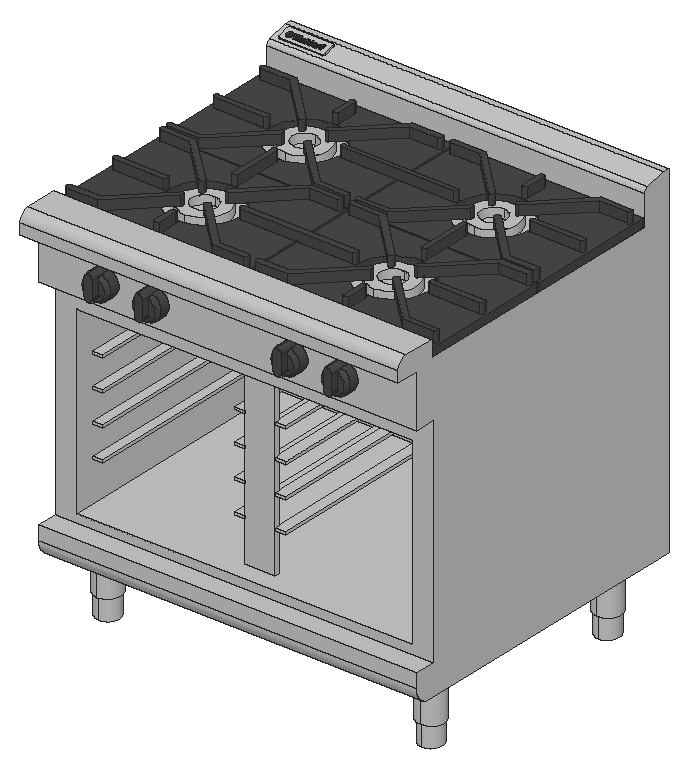
Revit family "QF_MOFFAT WALDORF_RNL8900G-CB", category Specialty Equipment, Revit 2012
Parameters
  Weight in Pounds = 396.8316
  URL Cutsheet = "www.moffat.com"
  URL = "www.moffat.com"
  Type Mark [instance] = ""
  Status [instance] = ""
  Specification by User [instance] = ""
  Specification by Manufacturer = ""
  Show Logo [instance] = yes
  Show Casters [instance] = no
  Serial Number = ""
  Seismic Rating = ""
  SMACNA No = ""
  Revision Code [instance] = ""
  Omniclass Number and Title = ""
  NAFEM Spec ID Number = ""
  Model = "RNL8900G-CB"
  Mechanical Remarks [instance] = ""
  Mechanical Connection Type [instance] = ""
  Masterspec = ""
  Manufacturer = "MOFFAT WALDORF"
  Legs [instance] = not(Show Casters)  # yes
  Item Number [instance] = ""
  Installed By [instance] = ""
  Identify Quantity as Lot [instance] = yes
  Gas Size = 3/4"
  Gas RI Height [instance] = 0.0 mm
  Gas KW [instance] = 31
  Gas Input [instance] = 106156.0 Btu/h
  Gas Connection Height = 0.0 mm
  Furnished By [instance] = ""
  Foodservice Equipment Identifier [instance] = yes
  Description = "COOK TOP LOW SPLASHBACK GAS ON CABINET BASE"
  CSI MasterFormat = ""
  CSI Master Format = ""
  Base Height [instance] = 150.0 mm
Reference planes
  plane 1 "BACK": y = 0
  plane 2: z = 0
  plane 3 "LEFT": x = 0
  plane 4 "RIGHT": x = 900
  plane 5 "FRONT": y = -805
  plane 6 "TOP": z = 970
  plane 7 "Center Y": x = 450
  plane 8 "Center X": y = -402.5
  plane 9 "Base Height": z = 150
  plane 10: z = 915
  plane 11: x = 65.8
Forms (mm)
  Extrusion 1, solid, material "QF_Finishes_Stainless Steel"
    sketch origin (0, 0, 0) x (0, 1, 0) y (0, 0, 1)
      loop
        line (-805, 891) -> (-805, 866) -> (-749, 866) -> (-749, 740) -> (-100, 740) -> (-100, 150) -> (0, 150) -> (0, 970) -> (-15, 970) -> (-61.106, 957.646)
        arc (-61.106, 957.646) -> (-67.52, 953.36) -> (-70, 946.055) r 12
        line (-70, 946.055) -> (-70, 875) -> (-705, 875) -> (-705, 915) -> (-781, 915)
        arc (-781, 915) -> (-797.971, 907.971) -> (-805, 891) r 24
      loop
        line (-699, 222.5) -> (-749, 222.5) -> (-749, 188)
        arc (-749, 188) -> (-737.87, 161.13) -> (-711, 150) r 38
        line (-711, 150) -> (-699, 150) -> (-699, 222.5)
    from 0 to 900
  Revolve 2, solid, material "QF_Finishes_Black"
    sketch origin (285.001, 0, 761.127) x (0, -1, 0) y (0, 0, 1)
      loop
        line (782, 74.605) -> (759, 74.605) -> (759, 47.105) -> (749, 47.105) -> (749, 42.105) -> (793, 42.105) -> (793, 68.757) -> (782, 74.605)
      axis (793, 42.105) -> (749, 42.105)
    angle from 0 to 360
  Extrusion 3, solid, material "QF_Finishes_Black"
    sketch origin (-3.43, 0, 657.13) x (1, 0, 0) y (0, 0, 1)
      loop
        line (298.431, 134) -> (298.431, 172.997)
        arc (298.431, 172.997) -> (288.431, 182.997) -> (278.431, 172.997) r 10
        line (278.431, 172.997) -> (278.431, 134)
        arc (278.431, 134) -> (288.431, 124) -> (298.431, 134) r 10
    from 759 to 808
  Extrusion 4, solid, material "QF_Finishes_Stainless Steel"
    sketch origin (705, 3, 95) x (1, 0, 0) y (0, 1, 0)
      loop
        circle (65, -35) r 13.5
    from 560 to 630
  Revolve 5, solid, material "QF_Finishes_Black"
    sketch origin (165, 0, 761) x (0, 1, 0) y (0, 0, -1)
      loop
        line (-782, -74.5) -> (-759, -74.5) -> (-759, -47) -> (-749, -47) -> (-749, -42) -> (-793, -42) -> (-793, -68.651) -> (-782, -74.5)
      axis (-793, -42) -> (-749, -42)
    angle from 0 to 360
  Extrusion 6, solid, material "QF_Finishes_Black"
    sketch origin (303.27, 0, 761.158) x (-1, 0, 0) y (0, 0, -1)
      loop
        arc (148.269, -29.969) -> (138.269, -19.969) -> (128.269, -29.969) r 10
        line (128.269, -29.969) -> (128.269, -68.969)
        arc (128.269, -68.969) -> (138.269, -78.969) -> (148.269, -68.969) r 10
        line (148.269, -68.969) -> (148.269, -29.969)
    from 759 to 808
  Extrusion 7, solid, material "QF_Finishes_Black"
    sketch origin (0, -77.318, 894.5) x (0, -1, 0) y (1, 0, 0)
      loop
        spline (252.08, 230.775) -> (250.786, 230.557) -> (249.58, 229.918) -> (248.545, 228.9) -> (247.75, 227.575) -> (247.251, 226.031) -> (247.08, 224.375) -> (247.251, 222.719) -> (247.75, 221.175) -> (248.545, 219.85) -> (249.58, 218.832) -> (250.786, 218.193) -> (252.08, 217.975)
        line (252.08, 217.975) -> (368.284, 217.975)
        spline (368.284, 217.975) -> (369.579, 218.193) -> (370.784, 218.832) -> (371.82, 219.85) -> (372.615, 221.175) -> (373.114, 222.719) -> (373.284, 224.375) -> (373.114, 226.031) -> (372.615, 227.575) -> (371.82, 228.9) -> (370.784, 229.918) -> (369.579, 230.557) -> (368.284, 230.775)
        line (368.284, 230.775) -> (252.08, 230.775)
      loop
        spline (601.284, 217.975) -> (602.579, 218.193) -> (603.784, 218.832) -> (604.82, 219.85) -> (605.615, 221.175) -> (606.114, 222.719) -> (606.284, 224.375) -> (606.114, 226.031) -> (605.615, 227.575) -> (604.82, 228.9) -> (603.784, 229.918) -> (602.579, 230.557) -> (601.284, 230.775)
        line (601.284, 230.775) -> (552.08, 230.775)
        spline (552.08, 230.775) -> (550.786, 230.557) -> (549.58, 229.918) -> (548.545, 228.9) -> (547.75, 227.575) -> (547.251, 226.031) -> (547.08, 224.375) -> (547.251, 222.719) -> (547.75, 221.175) -> (548.545, 219.85) -> (549.58, 218.832) -> (550.786, 218.193) -> (552.08, 217.975)
        line (552.08, 217.975) -> (601.284, 217.975)
      loop
        line (466.582, 13.273) -> (466.582, 132.477)
        spline (466.582, 132.477) -> (466.364, 133.771) -> (465.725, 134.977) -> (464.708, 136.013) -> (463.382, 136.807) -> (461.839, 137.307) -> (460.182, 137.477) -> (458.526, 137.307) -> (456.982, 136.807) -> (455.657, 136.013) -> (454.64, 134.977) -> (454, 133.771) -> (453.782, 132.477)
        line (453.782, 132.477) -> (453.782, 13.273)
        spline (453.782, 13.273) -> (454, 11.979) -> (454.64, 10.773) -> (455.657, 9.737) -> (456.982, 8.943) -> (458.526, 8.443) -> (460.182, 8.273) -> (461.839, 8.443) -> (463.382, 8.943) -> (464.708, 9.737) -> (465.725, 10.773) -> (466.364, 11.979) -> (466.582, 13.273)
      loop
        line (14.11, 87.354) -> (14.11, 13.21)
        spline (14.11, 13.21) -> (14.338, 11.916) -> (15.008, 10.71) -> (16.073, 9.675) -> (17.46, 8.88) -> (19.076, 8.381) -> (20.81, 8.21) -> (22.544, 8.381) -> (24.16, 8.88) -> (25.548, 9.675) -> (26.613, 10.71) -> (27.282, 11.916) -> (27.51, 13.21)
        line (27.51, 13.21) -> (27.51, 82.652) -> (133.259, 188.4)
        spline (133.259, 188.4) -> (134.019, 189.47) -> (134.42, 190.774) -> (134.433, 192.226) -> (134.058, 193.725) -> (133.319, 195.17) -> (132.269, 196.461) -> (130.977, 197.512) -> (129.532, 198.25) -> (128.033, 198.626) -> (126.582, 198.613) -> (125.277, 198.212) -> (124.208, 197.451)
        line (124.208, 197.451) -> (14.11, 87.354)
      loop
        spline (19.08, 230.775) -> (17.786, 230.557) -> (16.58, 229.918) -> (15.545, 228.9) -> (14.75, 227.575) -> (14.251, 226.031) -> (14.08, 224.375) -> (14.251, 222.719) -> (14.75, 221.175) -> (15.545, 219.85) -> (16.58, 218.832) -> (17.786, 218.193) -> (19.08, 217.975)
        line (19.08, 217.975) -> (68.284, 217.975)
        spline (68.284, 217.975) -> (69.579, 218.193) -> (70.784, 218.832) -> (71.82, 219.85) -> (72.615, 221.175) -> (73.114, 222.719) -> (73.284, 224.375) -> (73.114, 226.031) -> (72.615, 227.575) -> (71.82, 228.9) -> (70.784, 229.918) -> (69.579, 230.557) -> (68.284, 230.775)
        line (68.284, 230.775) -> (19.08, 230.775)
      loop
        line (306.255, 87.354) -> (196.157, 197.451)
        spline (196.157, 197.451) -> (195.088, 198.212) -> (193.783, 198.613) -> (192.332, 198.626) -> (190.832, 198.25) -> (189.388, 197.512) -> (188.096, 196.461) -> (187.045, 195.17) -> (186.307, 193.725) -> (185.932, 192.226) -> (185.945, 190.774) -> (186.345, 189.47) -> (187.106, 188.4)
        line (187.106, 188.4) -> (292.855, 82.652) -> (292.855, 13.21)
        spline (292.855, 13.21) -> (293.083, 11.916) -> (293.752, 10.71) -> (294.817, 9.675) -> (296.205, 8.88) -> (297.82, 8.381) -> (299.555, 8.21) -> (301.289, 8.381) -> (302.905, 8.88) -> (304.292, 9.675) -> (305.357, 10.71) -> (306.026, 11.916) -> (306.255, 13.21)
        line (306.255, 13.21) -> (306.255, 87.354)
      loop
        line (166.582, 13.273) -> (166.582, 132.477)
        spline (166.582, 132.477) -> (166.364, 133.771) -> (165.725, 134.977) -> (164.708, 136.013) -> (163.382, 136.807) -> (161.839, 137.307) -> (160.182, 137.477) -> (158.526, 137.307) -> (156.982, 136.807) -> (155.657, 136.013) -> (154.64, 134.977) -> (154, 133.771) -> (153.782, 132.477)
        line (153.782, 132.477) -> (153.782, 13.273)
        spline (153.782, 13.273) -> (154, 11.979) -> (154.64, 10.773) -> (155.657, 9.737) -> (156.982, 8.943) -> (158.526, 8.443) -> (160.182, 8.273) -> (161.839, 8.443) -> (163.382, 8.943) -> (164.708, 9.737) -> (165.725, 10.773) -> (166.364, 11.979) -> (166.582, 13.273)
      loop
        line (14.11, 361.396) -> (124.208, 251.299)
        spline (124.208, 251.299) -> (125.277, 250.538) -> (126.582, 250.137) -> (128.033, 250.124) -> (129.532, 250.5) -> (130.977, 251.238) -> (132.269, 252.289) -> (133.319, 253.58) -> (134.058, 255.025) -> (134.433, 256.524) -> (134.42, 257.976) -> (134.019, 259.28) -> (133.259, 260.35)
        line (133.259, 260.35) -> (27.51, 366.098) -> (27.51, 435.54)
        spline (27.51, 435.54) -> (27.282, 436.834) -> (26.613, 438.04) -> (25.548, 439.075) -> (24.16, 439.87) -> (22.544, 440.369) -> (20.81, 440.54) -> (19.076, 440.369) -> (17.46, 439.87) -> (16.073, 439.075) -> (15.008, 438.04) -> (14.338, 436.834) -> (14.11, 435.54)
        line (14.11, 435.54) -> (14.11, 361.396)
      loop
        line (306.255, 361.396) -> (306.255, 435.54)
        spline (306.255, 435.54) -> (306.026, 436.834) -> (305.357, 438.04) -> (304.292, 439.075) -> (302.905, 439.87) -> (301.289, 440.369) -> (299.555, 440.54) -> (297.82, 440.369) -> (296.205, 439.87) -> (294.817, 439.075) -> (293.752, 438.04) -> (293.083, 436.834) -> (292.855, 435.54)
        line (292.855, 435.54) -> (292.855, 366.098) -> (187.106, 260.35)
        spline (187.106, 260.35) -> (186.345, 259.28) -> (185.945, 257.976) -> (185.932, 256.524) -> (186.307, 255.025) -> (187.045, 253.58) -> (188.096, 252.289) -> (189.388, 251.238) -> (190.832, 250.5) -> (192.332, 250.124) -> (193.783, 250.137) -> (195.088, 250.538) -> (196.157, 251.299)
        line (196.157, 251.299) -> (306.255, 361.396)
      loop
        spline (166.582, 583.727) -> (166.364, 585.021) -> (165.725, 586.227) -> (164.708, 587.263) -> (163.382, 588.057) -> (161.839, 588.557) -> (160.182, 588.727) -> (158.526, 588.557) -> (156.982, 588.057) -> (155.657, 587.263) -> (154.64, 586.227) -> (154, 585.021) -> (153.782, 583.727)
        line (153.782, 583.727) -> (153.782, 316.273)
        spline (153.782, 316.273) -> (154, 314.979) -> (154.64, 313.773) -> (155.657, 312.737) -> (156.982, 311.943) -> (158.526, 311.443) -> (160.182, 311.273) -> (161.839, 311.443) -> (163.382, 311.943) -> (164.708, 312.737) -> (165.725, 313.773) -> (166.364, 314.979) -> (166.582, 316.273)
        line (166.582, 316.273) -> (166.582, 583.727)
      loop
        line (313.11, 87.354) -> (313.11, 13.21)
        spline (313.11, 13.21) -> (313.338, 11.916) -> (314.008, 10.71) -> (315.073, 9.675) -> (316.46, 8.88) -> (318.076, 8.381) -> (319.81, 8.21) -> (321.544, 8.381) -> (323.16, 8.88) -> (324.548, 9.675) -> (325.613, 10.71) -> (326.282, 11.916) -> (326.51, 13.21)
        line (326.51, 13.21) -> (326.51, 82.652) -> (432.259, 188.4)
        spline (432.259, 188.4) -> (433.019, 189.47) -> (433.42, 190.774) -> (433.433, 192.226) -> (433.058, 193.725) -> (432.319, 195.17) -> (431.269, 196.461) -> (429.977, 197.512) -> (428.532, 198.25) -> (427.033, 198.626) -> (425.582, 198.613) -> (424.277, 198.212) -> (423.208, 197.451)
        line (423.208, 197.451) -> (313.11, 87.354)
      loop
        line (605.255, 87.354) -> (495.157, 197.451)
        spline (495.157, 197.451) -> (494.088, 198.212) -> (492.783, 198.613) -> (491.332, 198.626) -> (489.832, 198.25) -> (488.388, 197.512) -> (487.096, 196.461) -> (486.045, 195.17) -> (485.307, 193.725) -> (484.932, 192.226) -> (484.945, 190.774) -> (485.345, 189.47) -> (486.106, 188.4)
        line (486.106, 188.4) -> (591.855, 82.652) -> (591.855, 13.21)
        spline (591.855, 13.21) -> (592.083, 11.916) -> (592.752, 10.71) -> (593.817, 9.675) -> (595.205, 8.88) -> (596.82, 8.381) -> (598.555, 8.21) -> (600.289, 8.381) -> (601.905, 8.88) -> (603.292, 9.675) -> (604.357, 10.71) -> (605.026, 11.916) -> (605.255, 13.21)
        line (605.255, 13.21) -> (605.255, 87.354)
      loop
        line (313.11, 361.396) -> (423.208, 251.299)
        spline (423.208, 251.299) -> (424.277, 250.538) -> (425.582, 250.137) -> (427.033, 250.124) -> (428.532, 250.5) -> (429.977, 251.238) -> (431.269, 252.289) -> (432.319, 253.58) -> (433.058, 255.025) -> (433.433, 256.524) -> (433.42, 257.976) -> (433.019, 259.28) -> (432.259, 260.35)
        line (432.259, 260.35) -> (326.51, 366.098) -> (326.51, 435.54)
        spline (326.51, 435.54) -> (326.282, 436.834) -> (325.613, 438.04) -> (324.548, 439.075) -> (323.16, 439.87) -> (321.544, 440.369) -> (319.81, 440.54) -> (318.076, 440.369) -> (316.46, 439.87) -> (315.073, 439.075) -> (314.008, 438.04) -> (313.338, 436.834) -> (313.11, 435.54)
        line (313.11, 435.54) -> (313.11, 361.396)
      loop
        line (605.255, 361.396) -> (605.255, 435.54)
        spline (605.255, 435.54) -> (605.026, 436.834) -> (604.357, 438.04) -> (603.292, 439.075) -> (601.905, 439.87) -> (600.289, 440.369) -> (598.555, 440.54) -> (596.82, 440.369) -> (595.205, 439.87) -> (593.817, 439.075) -> (592.752, 438.04) -> (592.083, 436.834) -> (591.855, 435.54)
        line (591.855, 435.54) -> (591.855, 366.098) -> (486.106, 260.35)
        spline (486.106, 260.35) -> (485.345, 259.28) -> (484.945, 257.976) -> (484.932, 256.524) -> (485.307, 255.025) -> (486.045, 253.58) -> (487.096, 252.289) -> (488.388, 251.238) -> (489.832, 250.5) -> (491.332, 250.124) -> (492.783, 250.137) -> (494.088, 250.538) -> (495.157, 251.299)
        line (495.157, 251.299) -> (605.255, 361.396)
      loop
        spline (465.582, 583.727) -> (465.364, 585.021) -> (464.725, 586.227) -> (463.708, 587.263) -> (462.382, 588.057) -> (460.839, 588.557) -> (459.182, 588.727) -> (457.526, 588.557) -> (455.982, 588.057) -> (454.657, 587.263) -> (453.64, 586.227) -> (453, 585.021) -> (452.782, 583.727)
        line (452.782, 583.727) -> (452.782, 316.273)
        spline (452.782, 316.273) -> (453, 314.979) -> (453.64, 313.773) -> (454.657, 312.737) -> (455.982, 311.943) -> (457.526, 311.443) -> (459.182, 311.273) -> (460.839, 311.443) -> (462.382, 311.943) -> (463.708, 312.737) -> (464.725, 313.773) -> (465.364, 314.979) -> (465.582, 316.273)
        line (465.582, 316.273) -> (465.582, 583.727)
      loop
        line (252.08, 669.225) -> (368.284, 669.225)
        spline (368.284, 669.225) -> (369.579, 669.443) -> (370.784, 670.082) -> (371.82, 671.1) -> (372.615, 672.425) -> (373.114, 673.969) -> (373.284, 675.625) -> (373.114, 677.281) -> (372.615, 678.825) -> (371.82, 680.15) -> (370.784, 681.168) -> (369.579, 681.807) -> (368.284, 682.025)
        line (368.284, 682.025) -> (252.08, 682.025)
        spline (252.08, 682.025) -> (250.786, 681.807) -> (249.58, 681.168) -> (248.545, 680.15) -> (247.75, 678.825) -> (247.251, 677.281) -> (247.08, 675.625) -> (247.251, 673.969) -> (247.75, 672.425) -> (248.545, 671.1) -> (249.58, 670.082) -> (250.786, 669.443) -> (252.08, 669.225)
      loop
        line (601.284, 682.025) -> (552.08, 682.025)
        spline (552.08, 682.025) -> (550.786, 681.807) -> (549.58, 681.168) -> (548.545, 680.15) -> (547.75, 678.825) -> (547.251, 677.281) -> (547.08, 675.625) -> (547.251, 673.969) -> (547.75, 672.425) -> (548.545, 671.1) -> (549.58, 670.082) -> (550.786, 669.443) -> (552.08, 669.225)
        line (552.08, 669.225) -> (601.284, 669.225)
        spline (601.284, 669.225) -> (602.579, 669.443) -> (603.784, 670.082) -> (604.82, 671.1) -> (605.615, 672.425) -> (606.114, 673.969) -> (606.284, 675.625) -> (606.114, 677.281) -> (605.615, 678.825) -> (604.82, 680.15) -> (603.784, 681.168) -> (602.579, 681.807) -> (601.284, 682.025)
      loop
        spline (466.582, 886.727) -> (466.364, 888.021) -> (465.725, 889.227) -> (464.708, 890.263) -> (463.382, 891.057) -> (461.839, 891.557) -> (460.182, 891.727) -> (458.526, 891.557) -> (456.982, 891.057) -> (455.657, 890.263) -> (454.64, 889.227) -> (454, 888.021) -> (453.782, 886.727)
        line (453.782, 886.727) -> (453.782, 767.523)
        spline (453.782, 767.523) -> (454, 766.229) -> (454.64, 765.023) -> (455.657, 763.987) -> (456.982, 763.193) -> (458.526, 762.693) -> (460.182, 762.523) -> (461.839, 762.693) -> (463.382, 763.193) -> (464.708, 763.987) -> (465.725, 765.023) -> (466.364, 766.229) -> (466.582, 767.523)
        line (466.582, 767.523) -> (466.582, 886.727)
      loop
        line (14.11, 812.646) -> (124.208, 702.549)
        spline (124.208, 702.549) -> (125.277, 701.788) -> (126.582, 701.387) -> (128.033, 701.374) -> (129.532, 701.75) -> (130.977, 702.488) -> (132.269, 703.539) -> (133.319, 704.83) -> (134.058, 706.275) -> (134.433, 707.774) -> (134.42, 709.226) -> (134.019, 710.53) -> (133.259, 711.6)
        line (133.259, 711.6) -> (27.51, 817.348) -> (27.51, 886.79)
        spline (27.51, 886.79) -> (27.282, 888.084) -> (26.613, 889.29) -> (25.548, 890.325) -> (24.16, 891.12) -> (22.544, 891.619) -> (20.81, 891.79) -> (19.076, 891.619) -> (17.46, 891.12) -> (16.073, 890.325) -> (15.008, 889.29) -> (14.338, 888.084) -> (14.11, 886.79)
        line (14.11, 886.79) -> (14.11, 812.646)
      loop
        line (19.08, 669.225) -> (68.284, 669.225)
        spline (68.284, 669.225) -> (69.579, 669.443) -> (70.784, 670.082) -> (71.82, 671.1) -> (72.615, 672.425) -> (73.114, 673.969) -> (73.284, 675.625) -> (73.114, 677.281) -> (72.615, 678.825) -> (71.82, 680.15) -> (70.784, 681.168) -> (69.579, 681.807) -> (68.284, 682.025)
        line (68.284, 682.025) -> (19.08, 682.025)
        spline (19.08, 682.025) -> (17.786, 681.807) -> (16.58, 681.168) -> (15.545, 680.15) -> (14.75, 678.825) -> (14.251, 677.281) -> (14.08, 675.625) -> (14.251, 673.969) -> (14.75, 672.425) -> (15.545, 671.1) -> (16.58, 670.082) -> (17.786, 669.443) -> (19.08, 669.225)
      loop
        line (306.255, 812.646) -> (306.255, 886.79)
        spline (306.255, 886.79) -> (306.026, 888.084) -> (305.357, 889.29) -> (304.292, 890.325) -> (302.905, 891.12) -> (301.289, 891.619) -> (299.555, 891.79) -> (297.82, 891.619) -> (296.205, 891.12) -> (294.817, 890.325) -> (293.752, 889.29) -> (293.083, 888.084) -> (292.855, 886.79)
        line (292.855, 886.79) -> (292.855, 817.348) -> (187.106, 711.6)
        spline (187.106, 711.6) -> (186.345, 710.53) -> (185.945, 709.226) -> (185.932, 707.774) -> (186.307, 706.275) -> (187.045, 704.83) -> (188.096, 703.539) -> (189.388, 702.488) -> (190.832, 701.75) -> (192.332, 701.374) -> (193.783, 701.387) -> (195.088, 701.788) -> (196.157, 702.549)
        line (196.157, 702.549) -> (306.255, 812.646)
      loop
        spline (166.582, 886.727) -> (166.364, 888.021) -> (165.725, 889.227) -> (164.708, 890.263) -> (163.382, 891.057) -> (161.839, 891.557) -> (160.182, 891.727) -> (158.526, 891.557) -> (156.982, 891.057) -> (155.657, 890.263) -> (154.64, 889.227) -> (154, 888.021) -> (153.782, 886.727)
        line (153.782, 886.727) -> (153.782, 767.523)
        spline (153.782, 767.523) -> (154, 766.229) -> (154.64, 765.023) -> (155.657, 763.987) -> (156.982, 763.193) -> (158.526, 762.693) -> (160.182, 762.523) -> (161.839, 762.693) -> (163.382, 763.193) -> (164.708, 763.987) -> (165.725, 765.023) -> (166.364, 766.229) -> (166.582, 767.523)
        line (166.582, 767.523) -> (166.582, 886.727)
      loop
        line (14.11, 538.604) -> (14.11, 464.46)
        spline (14.11, 464.46) -> (14.338, 463.166) -> (15.008, 461.96) -> (16.073, 460.925) -> (17.46, 460.13) -> (19.076, 459.631) -> (20.81, 459.46) -> (22.544, 459.631) -> (24.16, 460.13) -> (25.548, 460.925) -> (26.613, 461.96) -> (27.282, 463.166) -> (27.51, 464.46)
        line (27.51, 464.46) -> (27.51, 533.902) -> (133.259, 639.65)
        spline (133.259, 639.65) -> (134.019, 640.72) -> (134.42, 642.024) -> (134.433, 643.476) -> (134.058, 644.975) -> (133.319, 646.42) -> (132.269, 647.711) -> (130.977, 648.762) -> (129.532, 649.5) -> (128.033, 649.876) -> (126.582, 649.863) -> (125.277, 649.462) -> (124.208, 648.701)
        line (124.208, 648.701) -> (14.11, 538.604)
      loop
        line (306.255, 538.604) -> (196.157, 648.701)
        spline (196.157, 648.701) -> (195.088, 649.462) -> (193.783, 649.863) -> (192.332, 649.876) -> (190.832, 649.5) -> (189.388, 648.762) -> (188.096, 647.711) -> (187.045, 646.42) -> (186.307, 644.975) -> (185.932, 643.476) -> (185.945, 642.024) -> (186.345, 640.72) -> (187.106, 639.65)
        line (187.106, 639.65) -> (292.855, 533.902) -> (292.855, 464.46)
        spline (292.855, 464.46) -> (293.083, 463.166) -> (293.752, 461.96) -> (294.817, 460.925) -> (296.205, 460.13) -> (297.82, 459.631) -> (299.555, 459.46) -> (301.289, 459.631) -> (302.905, 460.13) -> (304.292, 460.925) -> (305.357, 461.96) -> (306.026, 463.166) -> (306.255, 464.46)
        line (306.255, 464.46) -> (306.255, 538.604)
      loop
        line (313.11, 812.646) -> (423.208, 702.549)
        spline (423.208, 702.549) -> (424.277, 701.788) -> (425.582, 701.387) -> (427.033, 701.374) -> (428.532, 701.75) -> (429.977, 702.488) -> (431.269, 703.539) -> (432.319, 704.83) -> (433.058, 706.275) -> (433.433, 707.774) -> (433.42, 709.226) -> (433.019, 710.53) -> (432.259, 711.6)
        line (432.259, 711.6) -> (326.51, 817.348) -> (326.51, 886.79)
        spline (326.51, 886.79) -> (326.282, 888.084) -> (325.613, 889.29) -> (324.548, 890.325) -> (323.16, 891.12) -> (321.544, 891.619) -> (319.81, 891.79) -> (318.076, 891.619) -> (316.46, 891.12) -> (315.073, 890.325) -> (314.008, 889.29) -> (313.338, 888.084) -> (313.11, 886.79)
        line (313.11, 886.79) -> (313.11, 812.646)
      loop
        line (605.255, 812.646) -> (605.255, 886.79)
        spline (605.255, 886.79) -> (605.026, 888.084) -> (604.357, 889.29) -> (603.292, 890.325) -> (601.905, 891.12) -> (600.289, 891.619) -> (598.555, 891.79) -> (596.82, 891.619) -> (595.205, 891.12) -> (593.817, 890.325) -> (592.752, 889.29) -> (592.083, 888.084) -> (591.855, 886.79)
        line (591.855, 886.79) -> (591.855, 817.348) -> (486.106, 711.6)
        spline (486.106, 711.6) -> (485.345, 710.53) -> (484.945, 709.226) -> (484.932, 707.774) -> (485.307, 706.275) -> (486.045, 704.83) -> (487.096, 703.539) -> (488.388, 702.488) -> (489.832, 701.75) -> (491.332, 701.374) -> (492.783, 701.387) -> (494.088, 701.788) -> (495.157, 702.549)
        line (495.157, 702.549) -> (605.255, 812.646)
      loop
        line (313.11, 538.604) -> (313.11, 464.46)
        spline (313.11, 464.46) -> (313.338, 463.166) -> (314.008, 461.96) -> (315.073, 460.925) -> (316.46, 460.13) -> (318.076, 459.631) -> (319.81, 459.46) -> (321.544, 459.631) -> (323.16, 460.13) -> (324.548, 460.925) -> (325.613, 461.96) -> (326.282, 463.166) -> (326.51, 464.46)
        line (326.51, 464.46) -> (326.51, 533.902) -> (432.259, 639.65)
        spline (432.259, 639.65) -> (433.019, 640.72) -> (433.42, 642.024) -> (433.433, 643.476) -> (433.058, 644.975) -> (432.319, 646.42) -> (431.269, 647.711) -> (429.977, 648.762) -> (428.532, 649.5) -> (427.033, 649.876) -> (425.582, 649.863) -> (424.277, 649.462) -> (423.208, 648.701)
        line (423.208, 648.701) -> (313.11, 538.604)
      loop
        line (605.255, 538.604) -> (495.157, 648.701)
        spline (495.157, 648.701) -> (494.088, 649.462) -> (492.783, 649.863) -> (491.332, 649.876) -> (489.832, 649.5) -> (488.388, 648.762) -> (487.096, 647.711) -> (486.045, 646.42) -> (485.307, 644.975) -> (484.932, 643.476) -> (484.945, 642.024) -> (485.345, 640.72) -> (486.106, 639.65)
        line (486.106, 639.65) -> (591.855, 533.902) -> (591.855, 464.46)
        spline (591.855, 464.46) -> (592.083, 463.166) -> (592.752, 461.96) -> (593.817, 460.925) -> (595.205, 460.13) -> (596.82, 459.631) -> (598.555, 459.46) -> (600.289, 459.631) -> (601.905, 460.13) -> (603.292, 460.925) -> (604.357, 461.96) -> (605.026, 463.166) -> (605.255, 464.46)
        line (605.255, 464.46) -> (605.255, 538.604)
    from 0 to 23.5
  Revolve 8, solid, material "QF_Finishes_Black"
    sketch origin (735, 0, 761.127) x (0, -1, 0) y (0, 0, 1)
      loop
        line (782, 74.605) -> (759, 74.605) -> (759, 47.105) -> (749, 47.105) -> (749, 42.105) -> (793, 42.105) -> (793, 68.757) -> (782, 74.605)
      axis (793, 42.105) -> (749, 42.105)
    angle from 0 to 360
  Extrusion 9, solid, material "QF_Finishes_Black"
    sketch origin (596.569, 0, 657.13) x (1, 0, 0) y (0, 0, 1)
      loop
        line (148.431, 134) -> (148.431, 172.997)
        arc (148.431, 172.997) -> (138.431, 182.997) -> (128.431, 172.997) r 10
        line (128.431, 172.997) -> (128.431, 134)
        arc (128.431, 134) -> (138.431, 124) -> (148.431, 134) r 10
    from 759 to 808
  Revolve 10, solid, material "QF_Finishes_Black"
    sketch origin (615, 0, 761.033) x (0, 1, 0) y (0, 0, -1)
      loop
        line (-782, -74.5) -> (-759, -74.5) -> (-759, -47) -> (-749, -47) -> (-749, -42) -> (-793, -42) -> (-793, -68.651) -> (-782, -74.5)
      axis (-793, -42) -> (-749, -42)
    angle from 0 to 360
  Extrusion 11, solid, material "QF_Finishes_Black"
    sketch origin (603.269, 0, 761.158) x (-1, 0, 0) y (0, 0, -1)
      loop
        arc (-1.731, -29.969) -> (-11.731, -19.969) -> (-21.731, -29.969) r 10
        line (-21.731, -29.969) -> (-21.731, -68.969)
        arc (-21.731, -68.969) -> (-11.731, -78.969) -> (-1.731, -68.969) r 10
        line (-1.731, -68.969) -> (-1.731, -29.969)
    from 759 to 808
  Revolve 12, solid, material "QF_Finishes_Stainless Steel", visible <- "Legs"
    sketch origin (65, -165, 0) x (0, 1, 0) y (0, 0, 1)
      loop
        line (33.25, 150) -> (33.25, 50) -> (37.5, 50) -> (37.5, 0) -> (65, 0) -> (65, 150) -> (33.25, 150)
      axis (65, 150) -> (65, 0)
    angle from 0 to 360
  Revolve 13, solid, material "QF_Finishes_Stainless Steel"
    sketch origin (65, -735, 0) x (0, 1, 0) y (0, 0, 1)
      loop
        line (78.25, 150) -> (78.25, 50) -> (82.5, 50) -> (82.5, 0) -> (110, 0) -> (110, 150) -> (78.25, 150)
      axis (110, 150) -> (110, 0)
    angle from 0 to 360
  Revolve 14, solid, material "QF_Finishes_Stainless Steel", visible <- "Legs"
    sketch origin (835, -165, 0) x (0, 1, 0) y (0, 0, -1)
      loop
        line (33.25, -150) -> (65, -150) -> (65, 0) -> (37.5, 0) -> (37.5, -50) -> (33.25, -50) -> (33.25, -150)
      axis (65, -150) -> (65, 0)
    angle from 0 to 360
  Revolve 15, solid, material "QF_Finishes_Stainless Steel"
    sketch origin (835, -735, 0) x (0, 1, 0) y (0, 0, -1)
      loop
        line (78.25, -150) -> (110, -150) -> (110, 0) -> (82.5, 0) -> (82.5, -50) -> (78.25, -50) -> (78.25, -150)
      axis (110, -150) -> (110, 0)
    angle from 0 to 360
  Extrusion 16, solid, material "QF_Finishes_Stainless Steel"
    sketch origin (0, -100, 740) x (0, 0, 1) y (-1, 0, 0)
      loop
        line (0, 0) -> (-590, 0) -> (-590, -900) -> (0, -900) -> (0, 0)
      loop
        line (-60, -50) -> (-497.5, -50) -> (-497.5, -850) -> (-60, -850) -> (-60, -50)
    from 0 to 599
  Extrusion 17, void
    sketch origin (0, 0, 150) x (-1, 0, 0) y (0, -1, 0)
      loop
        line (-832.738, 87.26) -> (-832.738, -30.24) -> (-703.238, -30.24) -> (-703.238, 38.76) -> (-751.738, 87.26) -> (-832.738, 87.26)
    from 72.5 to 575
  Extrusion 18, solid, material "QF_Finishes_Stainless Steel"
    sketch origin (0, -100, 740) x (0, 0, 1) y (-1, 0, 0)
      loop
        line (-60, -485.5) -> (-60, -414.5) -> (-497.5, -414.5) -> (-497.5, -485.5) -> (-60, -485.5)
    from 543.302 to 553.302
  Extrusion 19, solid, material "QF_Finishes_Stainless Steel"
    sketch origin (0, -100, 740) x (0, 0, 1) y (-1, 0, 0)
      loop
        line (-251.25, -414.5) -> (-244.9, -414.5) -> (-244.9, -389.5) -> (-251.25, -389.5) -> (-251.25, -414.5)
      loop
        line (-326.25, -414.5) -> (-319.9, -414.5) -> (-319.9, -389.5) -> (-326.25, -389.5) -> (-326.25, -414.5)
      loop
        line (-326.25, -50) -> (-326.25, -75) -> (-319.9, -75) -> (-319.9, -50) -> (-326.25, -50)
      loop
        line (-244.9, -75) -> (-244.9, -50) -> (-251.25, -50) -> (-251.25, -75) -> (-244.9, -75)
      loop
        line (-401.25, -414.5) -> (-394.9, -414.5) -> (-394.9, -389.5) -> (-401.25, -389.5) -> (-401.25, -414.5)
      loop
        line (-401.25, -50) -> (-401.25, -75) -> (-394.9, -75) -> (-394.9, -50) -> (-401.25, -50)
      loop
        line (-176.25, -414.5) -> (-169.9, -414.5) -> (-169.9, -389.5) -> (-176.25, -389.5) -> (-176.25, -414.5)
      loop
        line (-169.9, -75) -> (-169.9, -50) -> (-176.25, -50) -> (-176.25, -75) -> (-169.9, -75)
      loop
        line (-251.25, -485.5) -> (-251.25, -510.5) -> (-244.9, -510.5) -> (-244.9, -485.5) -> (-251.25, -485.5)
      loop
        line (-326.25, -485.5) -> (-326.25, -510.5) -> (-319.9, -510.5) -> (-319.9, -485.5) -> (-326.25, -485.5)
      loop
        line (-326.25, -850) -> (-319.9, -850) -> (-319.9, -825) -> (-326.25, -825) -> (-326.25, -850)
      loop
        line (-244.9, -825) -> (-251.25, -825) -> (-251.25, -850) -> (-244.9, -850) -> (-244.9, -825)
      loop
        line (-401.25, -485.5) -> (-401.25, -510.5) -> (-394.9, -510.5) -> (-394.9, -485.5) -> (-401.25, -485.5)
      loop
        line (-401.25, -850) -> (-394.9, -850) -> (-394.9, -825) -> (-401.25, -825) -> (-401.25, -850)
      loop
        line (-176.25, -485.5) -> (-176.25, -510.5) -> (-169.9, -510.5) -> (-169.9, -485.5) -> (-176.25, -485.5)
      loop
        line (-169.9, -825) -> (-176.25, -825) -> (-176.25, -850) -> (-169.9, -850) -> (-169.9, -825)
    from 0 to 553.302
  Extrusion 20, solid, material "QF_Finishes_Black"
    sketch origin (0, -77.318, 875) x (0, -1, 0) y (1, 0, 0)
      loop
        arc (-6.318, 4) -> (-5.439, 1.879) -> (-3.318, 1) r 3
        line (-3.318, 1) -> (305.057, 1)
        arc (305.057, 1) -> (307.179, 1.879) -> (308.057, 4) r 3
        line (308.057, 4) -> (308.057, 445.187)
        arc (308.057, 445.187) -> (307.179, 447.309) -> (305.057, 448.187) r 3
        line (305.057, 448.187) -> (-3.318, 448.187)
        arc (-3.318, 448.187) -> (-5.439, 447.309) -> (-6.318, 445.187) r 3
        line (-6.318, 445.187) -> (-6.318, 4)
      loop
        line (623.682, 899) -> (314.057, 899)
        arc (314.057, 899) -> (311.936, 898.121) -> (311.057, 896) r 3
        line (311.057, 896) -> (311.057, 454.812)
        arc (311.057, 454.812) -> (311.936, 452.691) -> (314.057, 451.812) r 3
        line (314.057, 451.812) -> (623.682, 451.812)
        arc (623.682, 451.812) -> (625.804, 452.691) -> (626.682, 454.812) r 3
        line (626.682, 454.812) -> (626.682, 896)
        arc (626.682, 896) -> (625.804, 898.121) -> (623.682, 899) r 3
      loop
        arc (-3.318, 899) -> (-5.439, 898.121) -> (-6.318, 896) r 3
        line (-6.318, 896) -> (-6.318, 454.812)
        arc (-6.318, 454.812) -> (-5.439, 452.691) -> (-3.318, 451.812) r 3
        line (-3.318, 451.812) -> (305.057, 451.812)
        arc (305.057, 451.812) -> (307.179, 452.691) -> (308.057, 454.812) r 3
        line (308.057, 454.812) -> (308.057, 896)
        arc (308.057, 896) -> (307.179, 898.121) -> (305.057, 899) r 3
        line (305.057, 899) -> (-3.318, 899)
      loop
        line (626.682, 4) -> (626.682, 445.187)
        arc (626.682, 445.187) -> (625.804, 447.309) -> (623.682, 448.187) r 3
        line (623.682, 448.187) -> (314.057, 448.187)
        arc (314.057, 448.187) -> (311.936, 447.309) -> (311.057, 445.187) r 3
        line (311.057, 445.187) -> (311.057, 4)
        arc (311.057, 4) -> (311.936, 1.879) -> (314.057, 1) r 3
        line (314.057, 1) -> (623.682, 1)
        arc (623.682, 1) -> (625.804, 1.879) -> (626.682, 4) r 3
      loop
        circle (160.663, 675.95) r 84.082
      loop
        circle (460.663, 675.95) r 84.082
      loop
        circle (459.761, 224.937) r 84.082
      loop
        circle (159.761, 224.937) r 84.082
    from 0 to 19.5
  Extrusion 21, solid, material "QF_Finishes_Stainless Steel"
    sketch origin (0, -77.318, 875) x (0, -1, 0) y (1, 0, 0)
      loop
        circle (160.182, 224) r 57
      loop
        circle (160.182, 674) r 57
      loop
        circle (459.182, 674) r 57
      loop
        circle (459.182, 224) r 57
      loop
        circle (160.182, 224) r 30
      loop
        circle (160.182, 674) r 30
      loop
        circle (459.182, 674) r 30
      loop
        circle (459.182, 224) r 30
    from 0 to 20
Cuts and joins
  Extrusion 17 cuts Extrusion 1
  joined: Extrusion 1, Extrusion 16
Lines and regions (mm)
  Split face 1
    outline origin (49.063, -19.972, 968.668) x (0, -0.965926, -0.258819) y (1, 0, 0)
      loop
        line (0.03, 105.5) -> (33.432, 105.5) -> (33.432, 125.5) -> (0.03, 125.5) -> (0.03, 105.5)
  Split face 2
    outline origin (99.063, -19.972, 968.668) x (0, -0.965926, -0.258819) y (1, 0, 0)
      loop
        line (0.03, 105.5) -> (33.432, 105.5) -> (33.432, 125.5) -> (0.03, 125.5) -> (0.03, 105.5)
  Split face 3
    outline origin (149.062, -19.972, 968.668) x (0, -0.965926, -0.258819) y (1, 0, 0)
      loop
        line (0.03, 105.5) -> (33.432, 105.5) -> (33.432, 125.5) -> (0.03, 125.5) -> (0.03, 105.5)
  Split face 4
    outline origin (199.063, -19.972, 968.668) x (0, -0.965926, -0.258819) y (1, 0, 0)
      loop
        line (0.03, 105.5) -> (33.432, 105.5) -> (33.432, 125.5) -> (0.03, 125.5) -> (0.03, 105.5)
  Split face 5
    outline origin (249.062, -19.972, 968.668) x (0, -0.965926, -0.258819) y (1, 0, 0)
      loop
        line (0.03, 105.5) -> (33.432, 105.5) -> (33.432, 125.5) -> (0.03, 125.5) -> (0.03, 105.5)
  Split face 6
    outline origin (299.062, -19.972, 968.668) x (0, -0.965926, -0.258819) y (1, 0, 0)
      loop
        line (0.03, 105.5) -> (33.432, 105.5) -> (33.432, 125.5) -> (0.03, 125.5) -> (0.03, 105.5)
  Split face 7
    outline origin (349.062, -19.972, 968.668) x (0, -0.965926, -0.258819) y (1, 0, 0)
      loop
        line (0.03, 105.5) -> (33.432, 105.5) -> (33.432, 125.5) -> (0.03, 125.5) -> (0.03, 105.5)
  Split face 8
    outline origin (399.062, -19.972, 968.668) x (0, -0.965926, -0.258819) y (1, 0, 0)
      loop
        line (0.03, 105.5) -> (33.432, 105.5) -> (33.432, 125.5) -> (0.03, 125.5) -> (0.03, 105.5)
  Split face 9
    outline origin (449.062, -19.972, 968.668) x (0, -0.965926, -0.258819) y (1, 0, 0)
      loop
        line (0.03, 105.5) -> (33.432, 105.5) -> (33.432, 125.5) -> (0.03, 125.5) -> (0.03, 105.5)
  Split face 10
    outline origin (499.062, -19.972, 968.668) x (0, -0.965926, -0.258819) y (1, 0, 0)
      loop
        line (0.03, 105.5) -> (33.432, 105.5) -> (33.432, 125.5) -> (0.03, 125.5) -> (0.03, 105.5)
  Split face 11
    outline origin (549.062, -19.972, 968.668) x (0, -0.965926, -0.258819) y (1, 0, 0)
      loop
        line (0.03, 105.5) -> (33.432, 105.5) -> (33.432, 125.5) -> (0.03, 125.5) -> (0.03, 105.5)
  Split face 12
    outline origin (599.062, -19.972, 968.668) x (0, -0.965926, -0.258819) y (1, 0, 0)
      loop
        line (0.03, 105.5) -> (33.432, 105.5) -> (33.432, 125.5) -> (0.03, 125.5) -> (0.03, 105.5)
  symbolic lines, visible <- "Show Logo"
    curve 1: line (12.5, -52.06, 0) -> (12.5, -21.099, 0)
    curve 2: line (121.5, -21.099, 0) -> (121.5, -52.06, 0)
    curve 3: line (12.5, -21.099, 0) -> (121.5, -21.099, 0)
    curve 4: line (12.5, -52.06, 0) -> (121.5, -52.06, 0)
  symbolic lines
    curve 5: line (154.563, -50.782, 0) -> (154.563, -20.984, 0)
    curve 6: line (154.563, -20.984, 0) -> (174.562, -20.984, 0)
    curve 7: line (174.562, -20.984, 0) -> (174.562, -50.782, 0)
    curve 8: line (174.562, -50.782, 0) -> (154.563, -50.782, 0)
    curve 9: line (204.563, -20.984, 0) -> (204.563, -50.782, 0)
    curve 10: line (204.563, -50.782, 0) -> (224.562, -50.782, 0)
    curve 11: line (224.562, -50.782, 0) -> (224.562, -20.984, 0)
    curve 12: line (224.562, -20.984, 0) -> (204.563, -20.984, 0)
    curve 13: line (254.563, -20.984, 0) -> (254.563, -50.782, 0)
    curve 14: line (254.563, -50.782, 0) -> (274.562, -50.782, 0)
    curve 15: line (274.562, -50.782, 0) -> (274.562, -20.984, 0)
    curve 16: line (274.562, -20.984, 0) -> (254.563, -20.984, 0)
    curve 17: line (304.563, -20.984, 0) -> (304.563, -50.782, 0)
    curve 18: line (304.563, -50.782, 0) -> (324.563, -50.782, 0)
    curve 19: line (324.563, -50.782, 0) -> (324.563, -20.984, 0)
    curve 20: line (324.563, -20.984, 0) -> (304.563, -20.984, 0)
    curve 21: line (354.563, -20.984, 0) -> (354.563, -50.782, 0)
    curve 22: line (354.563, -50.782, 0) -> (374.563, -50.782, 0)
    curve 23: line (374.563, -50.782, 0) -> (374.563, -20.984, 0)
    curve 24: line (374.563, -20.984, 0) -> (354.563, -20.984, 0)
    curve 25: line (404.563, -50.782, 0) -> (404.563, -20.984, 0)
    curve 26: line (404.563, -20.984, 0) -> (424.563, -20.984, 0)
    curve 27: line (424.563, -20.984, 0) -> (424.563, -50.782, 0)
    curve 28: line (424.563, -50.782, 0) -> (404.563, -50.782, 0)
    curve 29: line (454.563, -50.782, 0) -> (454.563, -20.984, 0)
    curve 30: line (454.563, -20.984, 0) -> (474.563, -20.984, 0)
    curve 31: line (474.563, -20.984, 0) -> (474.563, -50.782, 0)
    curve 32: line (474.563, -50.782, 0) -> (454.563, -50.782, 0)
    curve 33: line (504.563, -20.984, 0) -> (504.563, -50.782, 0)
    curve 34: line (504.563, -50.782, 0) -> (524.563, -50.782, 0)
    curve 35: line (524.563, -50.782, 0) -> (524.563, -20.984, 0)
    curve 36: line (524.563, -20.984, 0) -> (504.563, -20.984, 0)
    curve 37: line (554.563, -50.782, 0) -> (554.563, -20.984, 0)
    curve 38: line (554.563, -20.984, 0) -> (574.563, -20.984, 0)
    curve 39: line (574.563, -20.984, 0) -> (574.563, -50.782, 0)
    curve 40: line (574.563, -50.782, 0) -> (554.563, -50.782, 0)
    curve 41: line (604.563, -50.782, 0) -> (604.563, -20.984, 0)
    curve 42: line (604.563, -20.984, 0) -> (624.563, -20.984, 0)
    curve 43: line (624.563, -20.984, 0) -> (624.563, -50.782, 0)
    curve 44: line (624.563, -50.782, 0) -> (604.563, -50.782, 0)
    curve 45: line (654.563, -50.782, 0) -> (654.563, -20.984, 0)
    curve 46: line (654.563, -20.984, 0) -> (674.563, -20.984, 0)
    curve 47: line (674.563, -20.984, 0) -> (674.563, -50.782, 0)
    curve 48: line (674.563, -50.782, 0) -> (654.563, -50.782, 0)
    curve 49: line (724.563, -50.782, 0) -> (704.563, -50.782, 0)
    curve 50: line (704.563, -50.782, 0) -> (704.563, -20.984, 0)
    curve 51: line (704.563, -20.984, 0) -> (724.563, -20.984, 0)
    curve 52: line (724.563, -20.984, 0) -> (724.563, -50.782, 0)
    curve 53: line (0, -805, 0) -> (900, -805, 0)
    curve 54: line (0, 0, 0) -> (0, -805, 0)
    curve 55: line (900, -805, 0) -> (900, 0, 0)
    curve 56: line (900, 0, 0) -> (0, 0, 0)
    curve 57: line (0, -70, 0) -> (900, -70, 0)
    curve 58: line (900, -705, 0) -> (0, -705, 0)
    curve 59: line (7.898, -98.128, 0) -> (84.628, -98.128, 0)
    curve 60: line (84.628, -98.128, 0) -> (192.551, -206.051, 0)
    curve 61: line (224, -96.398, 0) -> (224, -145.602, 0)
    curve 62: line (440.102, -98.128, 0) -> (363.372, -98.128, 0)
    curve 63: line (363.372, -98.128, 0) -> (255.449, -206.051, 0)
    curve 64: line (578.727, -237.5, 0) -> (315.898, -237.5, 0)
    curve 65: line (457.898, -98.128, 0) -> (534.628, -98.128, 0)
    curve 66: line (534.628, -98.128, 0) -> (642.551, -206.051, 0)
    curve 67: line (7.898, -237.5, 0) -> (132.102, -237.5, 0)
    curve 68: line (7.898, -376.872, 0) -> (84.628, -376.872, 0)
    curve 69: line (84.628, -376.872, 0) -> (192.551, -268.949, 0)
    curve 70: line (224, -440.611, 0) -> (224, -329.398, 0)
    curve 71: line (440.102, -376.872, 0) -> (363.372, -376.872, 0)
    curve 72: line (363.372, -376.872, 0) -> (255.449, -268.949, 0)
    curve 73: line (7.898, -397.128, 0) -> (84.628, -397.128, 0)
    curve 74: line (84.628, -397.128, 0) -> (192.551, -505.051, 0)
    curve 75: line (440.102, -397.128, 0) -> (363.372, -397.128, 0)
    curve 76: line (363.372, -397.128, 0) -> (255.449, -505.051, 0)
    curve 77: line (578.727, -536.5, 0) -> (315.898, -536.5, 0)
    curve 78: line (7.898, -536.5, 0) -> (132.102, -536.5, 0)
    curve 79: line (7.898, -675.872, 0) -> (84.628, -675.872, 0)
    curve 80: line (84.628, -675.872, 0) -> (192.551, -567.949, 0)
    curve 81: line (224, -677.602, 0) -> (224, -628.398, 0)
    curve 82: line (440.102, -675.872, 0) -> (363.372, -675.872, 0)
    curve 83: line (363.372, -675.872, 0) -> (255.449, -567.949, 0)
    curve 84: arc (224, -479.5, 0) -> (281, -536.5, 0) -> (224, -593.5, 0) r 57
    curve 85: arc (224, -593.5, 0) -> (167, -536.5, 0) -> (224, -479.5, 0) r 57
    curve 86: arc (224, -180.5, 0) -> (281, -237.5, 0) -> (224, -294.5, 0) r 57
    curve 87: arc (224, -294.5, 0) -> (167, -237.5, 0) -> (224, -180.5, 0) r 57
    curve 88: arc (674, -294.5, 0) -> (617, -237.5, 0) -> (674, -180.5, 0) r 57
    curve 89: arc (674, -180.5, 0) -> (731, -237.5, 0) -> (674, -294.5, 0) r 57
    curve 90: arc (674, -593.5, 0) -> (617, -536.5, 0) -> (674, -479.5, 0) r 57
    curve 91: arc (674, -479.5, 0) -> (731, -536.5, 0) -> (674, -593.5, 0) r 57
    curve 92: line (457.898, -376.872, 0) -> (534.628, -376.872, 0)
    curve 93: line (534.628, -376.872, 0) -> (642.551, -268.949, 0)
    curve 94: line (890.102, -98.128, 0) -> (813.372, -98.128, 0)
    curve 95: line (813.372, -98.128, 0) -> (705.449, -206.051, 0)
    curve 96: line (674, -96.398, 0) -> (674, -145.602, 0)
    curve 97: line (890.102, -237.5, 0) -> (765.898, -237.5, 0)
    curve 98: line (890.102, -376.872, 0) -> (813.372, -376.872, 0)
    curve 99: line (813.372, -376.872, 0) -> (705.449, -268.949, 0)
    curve 100: line (890.102, -397.128, 0) -> (813.372, -397.128, 0)
    curve 101: line (813.372, -397.128, 0) -> (705.449, -505.051, 0)
    curve 102: line (457.898, -397.128, 0) -> (534.628, -397.128, 0)
    curve 103: line (534.628, -397.128, 0) -> (642.551, -505.051, 0)
    curve 104: line (674, -440.766, 0) -> (674, -329.398, 0)
    curve 105: line (890.102, -536.5, 0) -> (765.898, -536.5, 0)
    curve 106: line (890.102, -675.872, 0) -> (813.372, -675.872, 0)
    curve 107: line (813.372, -675.872, 0) -> (705.449, -567.949, 0)
    curve 108: line (674, -677.602, 0) -> (674, -628.398, 0)
    curve 109: line (457.898, -675.872, 0) -> (534.628, -675.872, 0)
    curve 110: line (534.628, -675.872, 0) -> (642.551, -567.949, 0)
    curve 111: line (450, -70, 0) -> (450, -705, 0)
    curve 112: line (0, -386.872, 0) -> (899, -386.872, 0)
    curve 113: arc (224.813, -153.089, 0) -> (308.895, -237.172, 0) -> (224.813, -321.254, 0) r 84.082
    curve 114: arc (224.813, -321.254, 0) -> (140.73, -237.172, 0) -> (224.813, -153.089, 0) r 84.082
    curve 115: arc (675.826, -322.155, 0) -> (591.744, -238.073, 0) -> (675.826, -153.991, 0) r 84.082
    curve 116: arc (675.826, -153.991, 0) -> (759.908, -238.073, 0) -> (675.826, -322.155, 0) r 84.082
    curve 117: arc (675.826, -453.991, 0) -> (759.908, -538.073, 0) -> (675.826, -622.155, 0) r 84.082
    curve 118: arc (675.826, -622.155, 0) -> (591.744, -538.073, 0) -> (675.826, -453.991, 0) r 84.082
    curve 119: arc (224.813, -453.089, 0) -> (308.895, -537.172, 0) -> (224.813, -621.254, 0) r 84.082
    curve 120: arc (224.813, -621.254, 0) -> (140.73, -537.172, 0) -> (224.813, -453.089, 0) r 84.082
    curve 121: arc (224, -267.5, 0) -> (194, -237.5, 0) -> (224, -207.5, 0) r 30
    curve 122: arc (224, -207.5, 0) -> (254, -237.5, 0) -> (224, -267.5, 0) r 30
    curve 123: arc (674, -267.5, 0) -> (644, -237.5, 0) -> (674, -207.5, 0) r 30
    curve 124: arc (674, -207.5, 0) -> (704, -237.5, 0) -> (674, -267.5, 0) r 30
    curve 125: arc (674, -566.5, 0) -> (644, -536.5, 0) -> (674, -506.5, 0) r 30
    curve 126: arc (674, -506.5, 0) -> (704, -536.5, 0) -> (674, -566.5, 0) r 30
    curve 127: arc (224, -506.5, 0) -> (254, -536.5, 0) -> (224, -566.5, 0) r 30
    curve 128: arc (224, -566.5, 0) -> (194, -536.5, 0) -> (224, -506.5, 0) r 30
Dimensions and locks
  equal spacing: plane 3 "LEFT", plane 7 "Center Y", plane 4 "RIGHT"
  plane 3 "LEFT" to plane 4 "RIGHT" = 900.0 mm
  equal spacing: plane 5 "FRONT", plane 8 "Center X", plane 1 "BACK"
  plane 5 "FRONT" to plane 1 "BACK" = 805.0 mm
  "Base Height": plane 9 "Base Height" to level
  plane 6 "TOP" to level = 970.0 mm
  plane 10 to level = 915.0 mm
  Revolve 8 sketch curve to Revolve 8 sketch curve to Revolve 10 = 11.0 mm locked, 23.0 mm locked
  level to Extrusion 4 = 655.0 mm
  Extrusion 20 sketch curve to plane 11 = 64.8 mm
  aligned and locked: level to plane 2
  aligned and locked: Extrusion 1 to Revolve 8 sketch curve
Automatic sketch dimensions
  curve 53 to plane 3 "LEFT" = 0.0 mm
  curve 111 to plane 7 "Center Y" = 0.0 mm
  plane 1 "BACK" to curve 56 = 0.0 mm
  curve 56 to plane 4 "RIGHT" = 0.0 mm
  plane 5 "FRONT" to curve 55 = 0.0 mm
  plane 3 "LEFT" to curve 68 = 7.898 mm
  plane 3 "LEFT" to curve 67 = 7.898 mm
  plane 3 "LEFT" to curve 79 = 7.898 mm
  plane 3 "LEFT" to curve 73 = 7.898 mm
  plane 3 "LEFT" to curve 78 = 7.898 mm
  plane 3 "LEFT" to curve 59 = 7.898 mm
  plane 3 "LEFT" to curve 3 = 12.5 mm
  curve 79 to curve 79 = 76.73 mm
  plane 8 "Center X" to curve 69 = 25.628 mm
  curve 68 to curve 69 = 76.73 mm
  curve 59 to curve 60 = 76.73 mm
  plane 8 "Center X" to curve 74 = 5.372 mm
  curve 74 to curve 68 = 0.0 mm
  plane 1 "BACK" to curve 3 = 21.099 mm
  curve 59 to curve 3 = 36.872 mm
  curve 78 to curve 78 = 124.204 mm
  curve 67 to curve 67 = 124.204 mm
  curve 2 to curve 5 = 33.062 mm
  curve 5 to curve 8 = 20.0 mm
  curve 67 to curve 69 = 60.449 mm
  curve 60 to curve 69 = 0.0 mm
  curve 78 to curve 80 = 60.449 mm
  curve 74 to curve 80 = 0.0 mm
  curve 7 to curve 10 = 30.0 mm
  curve 80 to curve 81 = 31.449 mm
  curve 69 to curve 86 = 31.449 mm  (x2)
  curve 74 to curve 85 = 31.449 mm
  curve 9 to curve 61 = 19.438 mm
  curve 70 to curve 84 = 0.0 mm
  curve 9 to curve 12 = 20.0 mm
  curve 11 to curve 13 = 30.0 mm
  curve 84 to curve 83 = 31.449 mm
  curve 86 to curve 63 = 31.449 mm
  curve 84 to curve 76 = 31.449 mm
  curve 86 to curve 72 = 31.449 mm
  curve 13 to curve 14 = 20.0 mm
  curve 14 to curve 18 = 30.0 mm
  curve 63 to curve 64 = 60.449 mm
  curve 83 to curve 77 = 60.449 mm
  curve 17 to curve 18 = 20.0 mm
  curve 19 to curve 21 = 30.0 mm
  plane 8 "Center X" to curve 76 = 5.372 mm
  curve 76 to plane 7 "Center Y" = 86.628 mm
  plane 8 "Center X" to curve 72 = 25.628 mm
  curve 72 to curve 75 = 0.0 mm
  curve 21 to curve 63 = 8.81 mm
  curve 82 to plane 7 "Center Y" = 86.628 mm
  curve 21 to curve 23 = 20.0 mm
  curve 22 to curve 25 = 30.0 mm
  curve 25 to curve 27 = 20.0 mm
  curve 75 to plane 7 "Center Y" = 9.898 mm
  curve 82 to plane 7 "Center Y" = 9.898 mm
  curve 62 to plane 7 "Center Y" = 9.898 mm
  curve 71 to plane 7 "Center Y" = 9.898 mm
  plane 7 "Center Y" to curve 29 = 4.563 mm
  plane 7 "Center Y" to curve 109 = 7.898 mm
  plane 7 "Center Y" to curve 102 = 7.898 mm
  plane 7 "Center Y" to curve 65 = 7.898 mm
  plane 7 "Center Y" to curve 92 = 7.898 mm
  curve 29 to curve 30 = 20.0 mm
  curve 30 to curve 36 = 30.0 mm
  curve 33 to curve 36 = 20.0 mm
  plane 8 "Center X" to curve 93 = 25.628 mm
  curve 92 to curve 93 = 76.73 mm
  curve 34 to curve 66 = 10.065 mm
  curve 109 to curve 110 = 76.73 mm
  plane 8 "Center X" to curve 103 = 5.372 mm
  curve 103 to curve 92 = 0.0 mm
  curve 35 to curve 37 = 30.0 mm
  curve 37 to curve 38 = 20.0 mm
  plane 7 "Center Y" to curve 77 = 128.727 mm
  plane 7 "Center Y" to curve 64 = 128.727 mm
  curve 39 to curve 44 = 30.0 mm
  curve 41 to curve 44 = 20.0 mm
  curve 77 to curve 103 = 63.824 mm
  curve 110 to curve 103 = 0.0 mm
  curve 64 to curve 93 = 63.824 mm
  curve 66 to curve 93 = 0.0 mm
  curve 42 to curve 46 = 30.0 mm
  curve 110 to curve 108 = 31.449 mm
  curve 45 to curve 96 = 19.438 mm
  curve 93 to curve 88 = 31.449 mm  (x2)
  curve 110 to curve 90 = 31.449 mm  (x2)
  curve 104 to curve 88 = 0.0 mm
  curve 45 to curve 46 = 20.0 mm
  curve 47 to curve 49 = 30.0 mm
  curve 91 to curve 101 = 31.449 mm
  curve 89 to curve 99 = 31.449 mm
  curve 89 to curve 95 = 31.449 mm
  curve 91 to curve 107 = 31.449 mm
  curve 50 to curve 51 = 20.0 mm
  curve 95 to curve 97 = 60.449 mm
  curve 107 to curve 105 = 60.449 mm
  plane 8 "Center X" to curve 99 = 25.628 mm
  plane 4 "RIGHT" to curve 99 = 86.628 mm
  plane 4 "RIGHT" to curve 95 = 86.628 mm
  plane 8 "Center X" to curve 100 = 5.372 mm
  curve 100 to curve 98 = 0.0 mm
  plane 4 "RIGHT" to curve 107 = 86.628 mm
  plane 4 "RIGHT" to curve 105 = 9.898 mm
  plane 4 "RIGHT" to curve 97 = 9.898 mm
  plane 4 "RIGHT" to curve 98 = 9.898 mm
  plane 4 "RIGHT" to curve 100 = 9.898 mm
  plane 4 "RIGHT" to curve 94 = 9.898 mm
  plane 4 "RIGHT" to curve 106 = 9.898 mm
  plane 4 "RIGHT" to curve 112 = 1.0 mm
  curve 111 to plane 5 "FRONT" = 100.0 mm
  curve 108 to plane 5 "FRONT" = 127.398 mm
  curve 81 to plane 5 "FRONT" = 127.398 mm
  curve 58 to curve 80 = 29.128 mm
  curve 111 to curve 109 = 29.128 mm
  curve 58 to curve 106 = 29.128 mm
  curve 111 to curve 83 = 29.128 mm
  curve 108 to curve 108 = 49.204 mm
  curve 81 to curve 81 = 49.204 mm
  curve 81 to curve 85 = 34.898 mm
  curve 108 to curve 90 = 34.898 mm
  curve 90 to curve 110 = 25.551 mm
  curve 84 to curve 83 = 25.551 mm
  curve 91 to curve 107 = 25.551 mm
  curve 85 to curve 80 = 25.551 mm
  curve 110 to curve 77 = 31.449 mm
  curve 105 to plane 8 "Center X" = 134.0 mm
  curve 78 to plane 8 "Center X" = 134.0 mm
  curve 80 to curve 84 = 31.449 mm
  curve 103 to curve 90 = 25.551 mm
  curve 101 to curve 91 = 25.551 mm
  curve 74 to curve 85 = 25.551 mm
  curve 76 to curve 84 = 25.551 mm
  curve 104 to plane 8 "Center X" = 38.266 mm
  curve 70 to plane 8 "Center X" = 38.111 mm
  curve 112 to curve 68 = 10.0 mm
  plane 8 "Center X" to curve 70 = 73.102 mm
  plane 8 "Center X" to curve 104 = 73.102 mm
  curve 104 to curve 88 = 34.898 mm
  curve 70 to curve 86 = 34.898 mm
  curve 89 to curve 99 = 25.551 mm
  curve 88 to curve 93 = 25.551 mm
  curve 86 to curve 72 = 25.551 mm
  curve 87 to curve 69 = 25.551 mm
  curve 99 to curve 97 = 31.449 mm
  curve 93 to curve 64 = 31.449 mm
  curve 68 to curve 67 = 139.372 mm
  curve 95 to curve 89 = 25.551 mm
  curve 66 to curve 88 = 25.551 mm
  curve 63 to curve 86 = 25.551 mm
  curve 60 to curve 87 = 25.551 mm
  curve 88 to curve 96 = 34.898 mm
  curve 86 to curve 61 = 34.898 mm
  plane 1 "BACK" to curve 66 = 98.128 mm
  curve 63 to curve 65 = 0.0 mm
  plane 1 "BACK" to curve 95 = 98.128 mm
  curve 59 to curve 1 = 77.029 mm
  curve 61 to curve 61 = 49.204 mm
  curve 96 to curve 96 = 49.204 mm
  curve 65 to curve 111 = 28.128 mm
  curve 4 to curve 2 = 30.961 mm
  curve 111 to curve 28 = 19.218 mm
  curve 23 to curve 25 = 0.0 mm
  plane 1 "BACK" to curve 50 = 50.782 mm
  curve 96 to curve 48 = 45.615 mm
  curve 2 to curve 5 = 1.278 mm
  curve 44 to curve 45 = 0.0 mm
  curve 7 to curve 9 = 0.0 mm
  curve 40 to curve 41 = 0.0 mm
  curve 10 to curve 13 = 0.0 mm
  curve 14 to curve 17 = 0.0 mm
  curve 35 to curve 37 = 0.0 mm
  curve 111 to curve 32 = 19.218 mm
  plane 1 "BACK" to curve 25 = 20.984 mm
  plane 1 "BACK" to curve 24 = 20.984 mm
  plane 1 "BACK" to curve 52 = 20.984 mm
  plane 1 "BACK" to curve 29 = 20.984 mm
  plane 1 "BACK" to curve 20 = 20.984 mm
  plane 1 "BACK" to curve 33 = 20.984 mm
  plane 1 "BACK" to curve 16 = 20.984 mm
  plane 1 "BACK" to curve 37 = 20.984 mm
  plane 1 "BACK" to curve 12 = 20.984 mm
  plane 1 "BACK" to curve 41 = 20.984 mm
  plane 1 "BACK" to curve 45 = 20.984 mm
  plane 1 "BACK" to curve 7 = 20.984 mm
  Revolve 2 sketch curve to plane 5 "FRONT" = 56.0 mm
  Revolve 2 sketch curve to Revolve 2 sketch curve = 10.0 mm
  Revolve 2 sketch curve to Revolve 2 sketch curve = 21.3 mm
  Revolve 2 sketch curve to plane 5 "FRONT" = 23.0 mm
  Revolve 2 sketch curve to plane 5 "FRONT" = 12.0 mm
  Revolve 2 sketch curve to Revolve 2 sketch curve = 0.0 mm  (x2)
  Revolve 2 sketch curve to plane 6 "TOP" = 166.768 mm
  Revolve 2 sketch curve to Revolve 2 sketch curve = 5.0 mm
  Revolve 2 sketch curve to Revolve 2 sketch curve = 26.651 mm
  Revolve 2 sketch curve to Revolve 2 sketch curve = 5.849 mm
  Extrusion 3 sketch curve to plane 7 "Center Y" = 174.999 mm
  Extrusion 3 sketch curve to Extrusion 3 sketch curve = 10.0 mm
  Extrusion 3 sketch curve to plane 6 "TOP" = 178.87 mm
  Extrusion 3 sketch curve to Extrusion 3 sketch curve = 38.997 mm
  plane 1 "BACK" to Extrusion 4 sketch curve = 32.0 mm
  plane 4 "RIGHT" to Extrusion 4 sketch curve = 130.0 mm
  Revolve 5 sketch curve to plane 5 "FRONT" = 12.0 mm
  Revolve 5 sketch curve to Revolve 5 sketch curve = 0.0 mm  (x2)
  Revolve 5 sketch curve to Revolve 5 sketch curve = 11.0 mm
  Revolve 5 sketch curve to Revolve 5 sketch curve = 12.7 mm
  Revolve 5 sketch curve to Revolve 5 sketch curve = 23.0 mm
  Revolve 5 sketch curve to Revolve 5 sketch curve = 10.0 mm
  Revolve 5 sketch curve to plane 6 "TOP" = 134.5 mm
  Revolve 5 sketch curve to Revolve 5 sketch curve = 5.849 mm
  Revolve 5 sketch curve to Revolve 5 sketch curve = 27.5 mm
  Revolve 5 sketch curve to Revolve 5 sketch curve = 5.0 mm
  plane 3 "LEFT" to Extrusion 6 sketch curve = 175.001 mm
  Extrusion 6 sketch curve to Extrusion 6 sketch curve = 10.0 mm
  Extrusion 6 sketch curve to plane 6 "TOP" = 139.873 mm
  Extrusion 6 sketch curve to Extrusion 6 sketch curve = 39.0 mm
  Extrusion 7 sketch curve to Extrusion 7 sketch curve = 6.7 mm  (x16)
  Extrusion 7 sketch curve to Extrusion 7 sketch curve = 49.204 mm  (x4)
  Extrusion 7 sketch curve to Extrusion 7 sketch curve = 55.923 mm  (x12)
  Extrusion 7 sketch curve to Extrusion 7 sketch curve = 0.0 mm  (x19)
  Extrusion 7 sketch curve to Extrusion 7 sketch curve = 4.525 mm  (x16)
  Extrusion 7 sketch curve to Extrusion 7 sketch curve = 20.524 mm  (x8)
  Extrusion 7 sketch curve to Extrusion 7 sketch curve = 126.272 mm  (x6)
  Extrusion 7 sketch curve to Extrusion 7 sketch curve = 6.4 mm  (x12)
  Extrusion 7 sketch curve to Extrusion 7 sketch curve = 53.847 mm  (x16)
  Extrusion 7 sketch curve to Extrusion 7 sketch curve = 6.856 mm  (x4)
  Extrusion 7 sketch curve to Extrusion 7 sketch curve = 116.204 mm  (x2)
  Extrusion 7 sketch curve to Extrusion 7 sketch curve = 54.923 mm  (x2)
  Extrusion 7 sketch curve to Extrusion 7 sketch curve = 127.272 mm
  Extrusion 7 sketch curve to Extrusion 7 sketch curve = 21.524 mm
  Extrusion 7 sketch curve to Extrusion 7 sketch curve = 56.923 mm  (x2)
  Extrusion 7 sketch curve to Extrusion 7 sketch curve = 69.441 mm  (x9)
  Extrusion 7 sketch curve to Extrusion 7 sketch curve = 4.702 mm  (x14)
